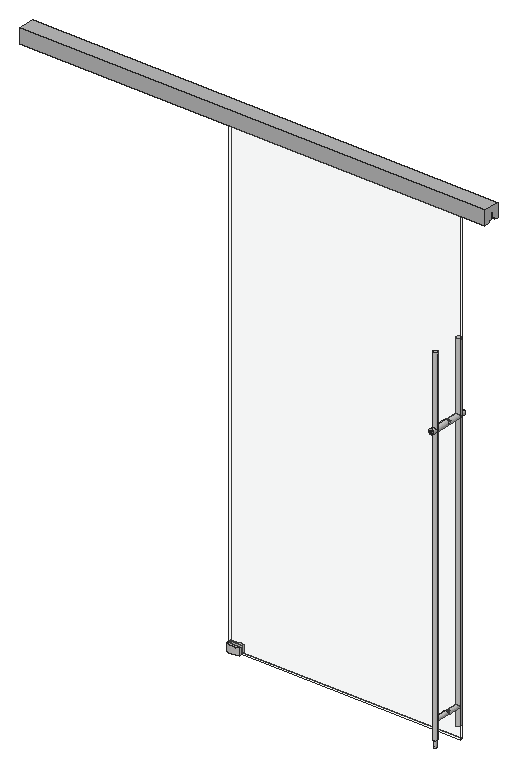
Revit family "Doors_Sliding_Avanti_Systems_Polaris-Auto-Magnetic-Slider_Single-Soffit-Mount-Dbl-Glazed", category Doors, Revit 2015 (continued)
Definition of nested family "Rail-Detail"
  Lines and regions (in)
    model lines, in view "Ref. Level"
      curve 28: arc (1.09204, 1.16142, 0) -> (1.08647, 1.15911, 0) -> (1.08416, 1.15354, 0) r 0.00788
      curve 29: arc (-1.25049, 0.88583, 0) -> (-1.25884, 0.88237, 0) -> (-1.2623, 0.87402, 0) r 0.01181
      curve 30: arc (-1.2623, -0.87402, 0) -> (-1.25884, -0.88237, 0) -> (-1.25049, -0.88583, 0) r 0.01181
      curve 31: arc (-0.46309, -0.9941, 0) -> (-0.45474, -0.99064, 0) -> (-0.45128, -0.98229, 0) r 0.01181
      curve 32: arc (-0.51419, -0.99132, 0) -> (-0.51689, -0.98918, 0) -> (-0.51971, -0.98722, 0) r 0.05492
      curve 33: arc (0.82235, 0.88583, 0) -> (0.814, 0.88237, 0) -> (0.81054, 0.87402, 0) r 0.01181
      curve 34: arc (-0.1875, 1.02362, 0) -> (-0.19585, 1.02017, 0) -> (-0.19931, 1.01181, 0) r 0.01181
      curve 35: arc (-0.21112, 0.95669, 0) -> (-0.20277, 0.96015, 0) -> (-0.19931, 0.9685, 0) r 0.01181
      curve 36: arc (-0.49065, 0.95669, 0) -> (-0.499, 0.95323, 0) -> (-0.50246, 0.94488, 0) r 0.01181
      curve 37: arc (-0.50246, 0.85827, 0) -> (-0.499, 0.84992, 0) -> (-0.49065, 0.84646, 0) r 0.01181
      curve 38: arc (-0.39616, 0.83465, 0) -> (-0.39962, 0.843, 0) -> (-0.40797, 0.84646, 0) r 0.01181
      curve 39: arc (-0.40797, 0.72835, 0) -> (-0.39962, 0.73181, 0) -> (-0.39616, 0.74016, 0) r 0.01181
      curve 40: arc (-0.50593, 0.73181, 0) -> (-0.50209, 0.72925, 0) -> (-0.49756, 0.72835, 0) r 0.01184
      curve 41: arc (-0.60088, 0.83166, 0) -> (-0.59998, 0.82715, 0) -> (-0.59743, 0.82332, 0) r 0.0118
      curve 42: arc (-0.60088, 0.87402, 0) -> (-0.60434, 0.88237, 0) -> (-0.61269, 0.88583, 0) r 0.01181
      curve 43: arc (1.13337, 0.87402, 0) -> (1.12991, 0.88237, 0) -> (1.12156, 0.88583, 0) r 0.01181
      curve 44: arc (0.81054, 0.8189, 0) -> (0.814, 0.81054, 0) -> (0.82235, 0.80709, 0) r 0.01181
      curve 45: arc (0.86369, 0.79528, 0) -> (0.86023, 0.80363, 0) -> (0.85188, 0.80709, 0) r 0.01181
      curve 46: arc (0.85188, 0.72835, 0) -> (0.86023, 0.73181, 0) -> (0.86369, 0.74016, 0) r 0.01181
      curve 47: arc (0.59991, 0.84646, 0) -> (0.59155, 0.843, 0) -> (0.58809, 0.83465, 0) r 0.01181
      curve 48: arc (0.68258, 0.84646, 0) -> (0.69094, 0.84992, 0) -> (0.69439, 0.85827, 0) r 0.01181
      curve 49: arc (-0.45128, -0.89764, 0) -> (-0.45474, -0.88929, 0) -> (-0.46309, -0.88583, 0) r 0.01181
      curve 50: arc (-0.51419, -0.99132, 0) -> (-0.51063, -0.99338, 0) -> (-0.50658, -0.9941, 0) r 0.0118
      curve 51: arc (-0.57969, -0.98722, 0) -> (-0.60482, -1.03347, 0) -> (-0.57969, -1.07971, 0) r 0.05512
      curve 52: arc (-0.51971, -1.07971, 0) -> (-0.51688, -1.07775, 0) -> (-0.51418, -1.07562, 0) r 0.05538
      curve 53: arc (-0.50657, -1.07284, 0) -> (-0.51062, -1.07355, 0) -> (-0.51418, -1.07562, 0) r 0.01182
      curve 54: arc (-0.45128, -1.08465, 0) -> (-0.45474, -1.0763, 0) -> (-0.46309, -1.07284, 0) r 0.01181
      curve 55: arc (-0.46309, -1.18111, 0) -> (-0.45474, -1.17765, 0) -> (-0.45128, -1.16929, 0) r 0.01181
      curve 56: arc (-1.41978, -1.10236, 0) -> (-1.39672, -1.15804, 0) -> (-1.34104, -1.18111, 0) r 0.07874
      curve 57: arc (-1.34104, 1.1811, 0) -> (-1.39672, 1.15804, 0) -> (-1.41978, 1.10236, 0) r 0.07874
      curve 58: arc (0.5881, 0.74016, 0) -> (0.59155, 0.73181, 0) -> (0.59991, 0.72835, 0) r 0.01181
      curve 59: arc (0.78638, 1.17372, 0) -> (0.78203, 1.17909, 0) -> (0.77543, 1.1811, 0) r 0.01181
      curve 60: arc (0.78638, 1.17372, 0) -> (0.80463, 1.16142, 0) -> (0.82288, 1.17372, 0) r 0.01969
      curve 61: arc (0.83383, 1.1811, 0) -> (0.82723, 1.17909, 0) -> (0.82288, 1.17372, 0) r 0.01181
      curve 62: arc (0.69439, 0.94488, 0) -> (0.69094, 0.95323, 0) -> (0.68258, 0.95669, 0) r 0.01181
      curve 63: arc (0.39124, 0.9685, 0) -> (0.3947, 0.96015, 0) -> (0.40305, 0.95669, 0) r 0.01181
      curve 64: arc (0.39124, 1.01181, 0) -> (0.38779, 1.02017, 0) -> (0.37943, 1.02362, 0) r 0.01181
      curve 65: arc (1.20893, 0.9635, 0) -> (1.21547, 0.96767, 0) -> (1.21802, 0.975, 0) r 0.01181
      curve 66: arc (1.20893, 0.9635, 0) -> (1.17865, 0.9252, 0) -> (1.20893, 0.88689, 0) r 0.03937
      curve 67: arc (1.21802, 0.8754, 0) -> (1.21547, 0.88272, 0) -> (1.20893, 0.88689, 0) r 0.01181
      curve 68: arc (1.20621, 0.72835, 0) -> (1.21456, 0.73181, 0) -> (1.21802, 0.74016, 0) r 0.01181
      curve 69: arc (1.08022, 0.74016, 0) -> (1.08368, 0.73181, 0) -> (1.09203, 0.72835, 0) r 0.01181
      curve 70: arc (1.09203, 0.80709, 0) -> (1.08368, 0.80363, 0) -> (1.08022, 0.79528, 0) r 0.01181
      curve 71: arc (1.12156, 0.80709, 0) -> (1.12991, 0.81054, 0) -> (1.13337, 0.8189, 0) r 0.01181
      curve 72: arc (-1.09695, -1.04331, 0) -> (-1.09464, -1.04888, 0) -> (-1.08907, -1.05118, 0) r 0.00787
      curve 73: arc (-0.6875, -1.05118, 0) -> (-0.68193, -1.04888, 0) -> (-0.67962, -1.04331, 0) r 0.00787
      curve 74: arc (-0.67175, -0.88583, 0) -> (-0.67732, -0.88813, 0) -> (-0.67962, -0.8937, 0) r 0.00787
      curve 75: arc (-1.09695, -0.8937, 0) -> (-1.09925, -0.88814, 0) -> (-1.10482, -0.88583, 0) r 0.00787
      curve 76: arc (-1.08907, 1.05118, 0) -> (-1.09463, 1.04888, 0) -> (-1.09695, 1.04332, 0) r 0.00788
      curve 77: arc (-1.10482, 0.88583, 0) -> (-1.09925, 0.88814, 0) -> (-1.09695, 0.8937, 0) r 0.00787
      curve 78: arc (-0.67962, 1.0433, 0) -> (-0.68193, 1.04888, 0) -> (-0.6875, 1.05118, 0) r 0.00788
      curve 79: arc (-0.67962, 0.8937, 0) -> (-0.67732, 0.88813, 0) -> (-0.67175, 0.88583, 0) r 0.00787
      curve 80: arc (-0.53002, -1.12992, 0) -> (-0.52445, -1.12762, 0) -> (-0.52214, -1.12205, 0) r 0.00787
      curve 81: arc (-0.57726, -1.12205, 0) -> (-0.57495, -1.12762, 0) -> (-0.56939, -1.12992, 0) r 0.00787
      curve 82: arc (-0.56939, -0.93701, 0) -> (-0.57495, -0.93932, 0) -> (-0.57726, -0.94488, 0) r 0.00787
      curve 83: arc (-0.52214, -0.94488, 0) -> (-0.52445, -0.93932, 0) -> (-0.53002, -0.93701, 0) r 0.00787
      curve 84: arc (1.08022, 1.16929, 0) -> (1.07676, 1.17764, 0) -> (1.06841, 1.1811, 0) r 0.01181
      curve 85: arc (1.04085, 1.10236, 0) -> (1.06869, 1.1139, 0) -> (1.08022, 1.14173, 0) r 0.03937
      curve 86: arc (0.99314, 1.10691, 0) -> (0.99728, 1.10356, 0) -> (1.00246, 1.10236, 0) r 0.01181
      curve 87: arc (0.99314, 1.10691, 0) -> (0.96211, 1.12205, 0) -> (0.93108, 1.10691, 0) r 0.03937
      curve 88: arc (0.92177, 1.10236, 0) -> (0.92695, 1.10356, 0) -> (0.93108, 1.10691, 0) r 0.01181
      curve 89: arc (0.844, 1.10236, 0) -> (0.80463, 1.06299, 0) -> (0.844, 1.02362, 0) r 0.03937
      curve 90: arc (0.93108, 1.01908, 0) -> (0.92695, 1.02243, 0) -> (0.92177, 1.02362, 0) r 0.01181
      curve 91: arc (0.93108, 1.01908, 0) -> (0.96211, 1.00394, 0) -> (0.99314, 1.01908, 0) r 0.03937
      curve 92: arc (1.00246, 1.02362, 0) -> (0.99727, 1.02243, 0) -> (0.99314, 1.01908, 0) r 0.01181
      curve 93: arc (1.21802, 1.01181, 0) -> (1.21456, 1.02017, 0) -> (1.20621, 1.02362, 0) r 0.01181
      curve 94: line (-1.03396, 1, 0) -> (-0.74262, 1, 0)
      curve 95: line (-1.04773, 0.84252, 0) -> (-1.04773, 0.89626, 0)
      curve 96: line (-0.72884, 0.89626, 0) -> (-0.72884, 0.84252, 0)
      curve 97: line (-1.03396, -1, 0) -> (-0.74262, -1, 0)
      curve 98: line (-0.72884, -0.89626, 0) -> (-0.72884, -0.84252, 0)
      curve 99: line (-1.04577, -0.84252, 0) -> (-1.04577, -0.89626, 0)
      curve 100: line (1.33613, -1.10236, 0) -> (1.33613, 1.08268, 0)
      curve 101: line (0.75739, -1.18111, 0) -> (1.25739, -1.18111, 0)
      curve 102: line (0.75739, -1.07284, 0) -> (0.80087, -1.07284, 0)
      curve 103: line (0.81644, -1.08759, 0) -> (0.81644, -1.12205, 0)
      curve 104: line (0.82432, -1.12992, 0) -> (0.86369, -1.12992, 0)
      curve 105: line (0.87156, -1.12205, 0) -> (0.87156, -1.08759, 0)
      curve 106: line (0.87156, -0.97934, 0) -> (0.87156, -0.94488, 0)
      curve 107: line (0.86369, -0.93701, 0) -> (0.82432, -0.93701, 0)
      curve 108: line (0.81644, -0.94488, 0) -> (0.81644, -0.97934, 0)
      curve 109: line (0.80088, -0.9941, 0) -> (0.75739, -0.9941, 0)
      curve 110: line (0.75739, -0.88583, 0) -> (0.98967, -0.88583, 0)
      curve 111: line (1.26526, -1.10236, 0) -> (1.01329, -1.10236, 0)
      curve 112: line (1.27707, 0.68898, 0) -> (1.27707, -1.09055, 0)
      curve 113: line (1.22983, 0.72835, 0) -> (1.2377, 0.72835, 0)
      curve 114: line (1.21802, 1.01968, 0) -> (1.21802, 0.74016, 0)
      curve 115: line (1.21802, 0.74016, 0) -> (1.21802, 0.8754, 0)
      curve 116: line (1.00246, 1.02362, 0) -> (1.20621, 1.02362, 0)
      curve 117: line (1.21014, 1.02756, 0) -> (0.844, 1.02756, 0)
      curve 118: line (0.844, 1.02362, 0) -> (0.92177, 1.02362, 0)
      curve 119: line (0.92177, 1.10236, 0) -> (0.844, 1.10236, 0)
      curve 120: line (0.844, 1.09843, 0) -> (1.07629, 1.09843, 0)
      curve 121: line (1.08416, 1.1063, 0) -> (1.08416, 1.15354, 0)
      curve 122: line (1.25739, 1.16142, 0) -> (1.09204, 1.16142, 0)
      curve 123: line (0.74558, -0.89764, 0) -> (0.74558, -0.98229, 0)
      curve 124: line (1.00148, -1.09055, 0) -> (1.00148, -0.89764, 0)
      curve 125: line (0.74558, -1.08465, 0) -> (0.74558, -1.16929, 0)
      curve 126: line (-1.25049, 0.88583, 0) -> (-1.10482, 0.88583, 0)
      curve 127: line (-1.2623, -0.87402, 0) -> (-1.2623, 0.87402, 0)
      curve 128: line (-0.50658, -0.9941, 0) -> (-0.46309, -0.9941, 0)
      curve 129: line (0.82235, 0.88583, 0) -> (1.12156, 0.88583, 0)
      curve 130: line (-0.19931, 0.9685, 0) -> (-0.19931, 1.01181, 0)
      curve 131: line (-0.49065, 0.95669, 0) -> (-0.21112, 0.95669, 0)
      curve 132: line (-0.50246, 0.85827, 0) -> (-0.50246, 0.94488, 0)
      curve 133: line (-0.40797, 0.84646, 0) -> (-0.49065, 0.84646, 0)
      curve 134: line (-0.39616, 0.74016, 0) -> (-0.39616, 0.83465, 0)
      curve 135: line (-0.49756, 0.72835, 0) -> (-0.40797, 0.72835, 0)
      curve 136: line (-0.59743, 0.82332, 0) -> (-0.50593, 0.73181, 0)
      curve 137: line (-0.60088, 0.87402, 0) -> (-0.60088, 0.83166, 0)
      curve 138: line (-0.67175, 0.88583, 0) -> (-0.61269, 0.88583, 0)
      curve 139: line (1.13337, 0.87402, 0) -> (1.13337, 0.8189, 0)
      curve 140: line (0.81054, 0.8189, 0) -> (0.81054, 0.87402, 0)
      curve 141: line (0.85188, 0.80709, 0) -> (0.82235, 0.80709, 0)
      curve 142: line (0.86369, 0.74016, 0) -> (0.86369, 0.79528, 0)
      curve 143: line (0.59991, 0.72835, 0) -> (0.85188, 0.72835, 0)
      curve 144: line (0.58809, 0.83465, 0) -> (0.58809, 0.74016, 0)
      curve 145: line (0.68258, 0.84646, 0) -> (0.59991, 0.84646, 0)
      curve 146: line (-1.10482, -0.88583, 0) -> (-1.25049, -0.88583, 0)
      curve 147: line (-0.46309, -0.88583, 0) -> (-0.67175, -0.88583, 0)
      curve 148: line (-0.45128, -0.98229, 0) -> (-0.45128, -0.89764, 0)
      curve 149: line (-0.1875, 1.02362, 0) -> (0.07628, 1.02362, 0)
      curve 150: line (0.07628, 1.02362, 0) -> (0.09597, 1.04331, 0)
      curve 151: line (0.09597, 1.04331, 0) -> (0.11565, 1.02362, 0)
      curve 152: line (0.11565, 1.02362, 0) -> (0.37943, 1.02362, 0)
      curve 153: line (-0.46309, -1.07284, 0) -> (-0.50657, -1.07284, 0)
      curve 154: line (-0.45128, -1.16929, 0) -> (-0.45128, -1.08465, 0)
      curve 155: line (-1.34104, -1.18111, 0) -> (-0.46309, -1.18111, 0)
      curve 156: line (-1.41978, 1.10236, 0) -> (-1.41978, -1.10236, 0)
      curve 157: line (1.06841, 1.1811, 0) -> (0.83383, 1.1811, 0)
      curve 158: line (0.69439, 0.94488, 0) -> (0.69439, 0.85827, 0)
      curve 159: line (0.39124, 1.01181, 0) -> (0.39124, 0.9685, 0)
      curve 160: line (1.09203, 0.72835, 0) -> (1.20621, 0.72835, 0)
      curve 161: line (1.08022, 0.79528, 0) -> (1.08022, 0.74016, 0)
      curve 162: line (1.12156, 0.80709, 0) -> (1.09203, 0.80709, 0)
      curve 163: line (0.40305, 0.95669, 0) -> (0.68258, 0.95669, 0)
      curve 164: line (-1.09695, 1.04332, 0) -> (-1.09695, 0.8937, 0)
      curve 165: line (-0.6875, 1.05118, 0) -> (-1.08907, 1.05118, 0)
      curve 166: line (-0.67962, 0.8937, 0) -> (-0.67962, 1.0433, 0)
      curve 167: line (-0.67962, -1.04331, 0) -> (-0.67962, -0.8937, 0)
      curve 168: line (-1.08907, -1.05118, 0) -> (-0.6875, -1.05118, 0)
      curve 169: line (-1.09695, -0.8937, 0) -> (-1.09695, -1.04331, 0)
      curve 170: line (-0.57726, -1.08181, 0) -> (-0.57726, -1.12205, 0)
      curve 171: line (-0.52214, -1.12205, 0) -> (-0.52214, -1.08181, 0)
      curve 172: line (-0.52214, -0.98513, 0) -> (-0.52214, -0.94488, 0)
      curve 173: line (-0.57726, -0.94488, 0) -> (-0.57726, -0.98513, 0)
      curve 174: line (-0.53002, -1.12992, 0) -> (-0.56939, -1.12992, 0)
      curve 175: line (-0.56939, -0.93701, 0) -> (-0.53002, -0.93701, 0)
      curve 176: line (0.77543, 1.1811, 0) -> (-1.34104, 1.1811, 0)
      curve 177: line (1.08022, 1.14173, 0) -> (1.08022, 1.16929, 0)
      curve 178: line (1.00246, 1.10236, 0) -> (1.04085, 1.10236, 0)
      curve 179: line (1.21802, 0.975, 0) -> (1.21802, 1.01181, 0)
      curve 180: arc (-0.72476, 0.90317, 0) -> (-0.72774, 0.90027, 0) -> (-0.72884, 0.89626, 0) r 0.00789
      curve 181: arc (-0.72476, 0.90317, 0) -> (-0.71407, 0.92126, 0) -> (-0.72476, 0.93936, 0) r 0.02067
      curve 182: arc (-0.72884, 0.94626, 0) -> (-0.72774, 0.94225, 0) -> (-0.72476, 0.93936, 0) r 0.00787
      curve 183: arc (-1.05181, 0.93936, 0) -> (-1.04883, 0.94225, 0) -> (-1.04773, 0.94626, 0) r 0.00787
      curve 184: arc (-1.05181, 0.93936, 0) -> (-1.0625, 0.92126, 0) -> (-1.05181, 0.90317, 0) r 0.02067
      curve 185: arc (-1.04773, 0.89626, 0) -> (-1.04883, 0.90027, 0) -> (-1.05181, 0.90317, 0) r 0.00789
      curve 186: arc (-1.07529, 1.04331, 0) -> (-1.08365, 1.03984, 0) -> (-1.0871, 1.03148, 0) r 0.01181
      curve 187: arc (-0.68947, 1.0315, 0) -> (-0.69293, 1.03985, 0) -> (-0.70128, 1.04331, 0) r 0.01181
      curve 188: arc (-1.03592, 1, 0) -> (-1.04427, 0.99654, 0) -> (-1.04773, 0.98818, 0) r 0.01182
      curve 189: arc (-1.05954, 0.84646, 0) -> (-1.05119, 0.84992, 0) -> (-1.04773, 0.85827, 0) r 0.01181
      curve 190: arc (-0.72884, 0.98818, 0) -> (-0.7323, 0.99654, 0) -> (-0.74065, 1, 0) r 0.01182
      curve 191: arc (-0.72884, 0.85827, 0) -> (-0.72538, 0.84992, 0) -> (-0.71703, 0.84646, 0) r 0.01181
      curve 192: arc (-0.6245, 0.84646, 0) -> (-0.61615, 0.84992, 0) -> (-0.61269, 0.85827, 0) r 0.01181
      curve 193: arc (-0.61269, 0.87402, 0) -> (-0.61615, 0.88237, 0) -> (-0.6245, 0.88583, 0) r 0.01181
      curve 194: arc (-0.68947, 0.89764, 0) -> (-0.68601, 0.88929, 0) -> (-0.67766, 0.88583, 0) r 0.01181
      curve 195: arc (-1.09891, 0.88583, 0) -> (-1.09056, 0.88929, 0) -> (-1.0871, 0.89764, 0) r 0.01181
      curve 196: arc (-1.16388, 0.85827, 0) -> (-1.16042, 0.84992, 0) -> (-1.15207, 0.84646, 0) r 0.01181
      curve 197: arc (-1.15207, 0.88583, 0) -> (-1.16042, 0.88237, 0) -> (-1.16388, 0.87402, 0) r 0.01181
      curve 198: arc (-1.04773, -0.94626, 0) -> (-1.04883, -0.94226, 0) -> (-1.05181, -0.93936, 0) r 0.00787
      curve 199: arc (-0.72476, -0.93936, 0) -> (-0.72774, -0.94226, 0) -> (-0.72884, -0.94626, 0) r 0.00787
      curve 200: arc (-0.70128, -1.04331, 0) -> (-0.69293, -1.03985, 0) -> (-0.68947, -1.0315, 0) r 0.01181
      curve 201: arc (-1.04773, -0.98819, 0) -> (-1.04428, -0.99654, 0) -> (-1.03592, -1, 0) r 0.01181
      curve 202: arc (-1.04577, -0.85827, 0) -> (-1.04923, -0.84992, 0) -> (-1.05758, -0.84646, 0) r 0.01181
      curve 203: arc (-0.74065, -1, 0) -> (-0.7323, -0.99654, 0) -> (-0.72884, -0.98819, 0) r 0.01181
      curve 204: arc (-0.71702, -0.84646, 0) -> (-0.72538, -0.84992, 0) -> (-0.72884, -0.85827, 0) r 0.01181
      curve 205: arc (-0.61269, -0.85827, 0) -> (-0.61615, -0.84992, 0) -> (-0.62451, -0.84646, 0) r 0.01181
      curve 206: arc (-0.62451, -0.88583, 0) -> (-0.61615, -0.88237, 0) -> (-0.61269, -0.87402, 0) r 0.01181
      curve 207: arc (-0.67766, -0.88583, 0) -> (-0.68601, -0.88929, 0) -> (-0.68947, -0.89764, 0) r 0.01181
      curve 208: arc (-1.0871, -0.89764, 0) -> (-1.09056, -0.88929, 0) -> (-1.09891, -0.88583, 0) r 0.01181
      curve 209: arc (-1.15206, -0.84646, 0) -> (-1.16042, -0.84992, 0) -> (-1.16388, -0.85827, 0) r 0.01181
      curve 210: arc (-1.16388, -0.87402, 0) -> (-1.16042, -0.88237, 0) -> (-1.15206, -0.88583, 0) r 0.01181
      curve 211: arc (-1.0871, -1.0315, 0) -> (-1.08365, -1.03985, 0) -> (-1.07529, -1.04331, 0) r 0.01181
      curve 212: arc (-1.05181, -0.90316, 0) -> (-1.04883, -0.90027, 0) -> (-1.04773, -0.89626, 0) r 0.00787
      curve 213: arc (-0.72884, -0.89626, 0) -> (-0.72774, -0.90027, 0) -> (-0.72476, -0.90316, 0) r 0.00787
      curve 214: arc (-1.05181, -0.90316, 0) -> (-1.0625, -0.92126, 0) -> (-1.05181, -0.93936, 0) r 0.02067
      curve 215: arc (-0.72476, -0.93936, 0) -> (-0.71407, -0.92126, 0) -> (-0.72476, -0.90316, 0) r 0.02067
      curve 216: line (-0.67766, 0.88583, 0) -> (-0.6245, 0.88583, 0)
      curve 217: line (-0.61269, 0.87402, 0) -> (-0.61269, 0.85827, 0)
      curve 218: line (-0.6245, 0.84646, 0) -> (-0.71703, 0.84646, 0)
      curve 219: line (-0.72884, 0.85827, 0) -> (-0.72884, 0.89626, 0)
      curve 220: line (-0.72884, 0.94626, 0) -> (-0.72884, 0.98818, 0)
      curve 221: line (-0.74065, 1, 0) -> (-1.03592, 1, 0)
      curve 222: line (-1.04773, 0.98818, 0) -> (-1.04773, 0.94626, 0)
      curve 223: line (-1.04773, 0.89626, 0) -> (-1.04773, 0.85827, 0)
      curve 224: line (-1.05954, 0.84646, 0) -> (-1.15207, 0.84646, 0)
      curve 225: line (-1.16388, 0.85827, 0) -> (-1.16388, 0.87402, 0)
      curve 226: line (-1.15207, 0.88583, 0) -> (-1.09891, 0.88583, 0)
      curve 227: line (-1.07529, 1.04331, 0) -> (-0.70128, 1.04331, 0)
      curve 228: line (-0.68947, 1.0315, 0) -> (-0.68947, 0.89764, 0)
      curve 229: line (-1.0871, 0.89764, 0) -> (-1.0871, 1.03148, 0)
      curve 230: line (-0.70128, -1.04331, 0) -> (-1.07529, -1.04331, 0)
      curve 231: line (-0.62451, -0.84646, 0) -> (-0.71702, -0.84646, 0)
      curve 232: line (-0.61269, -0.87402, 0) -> (-0.61269, -0.85827, 0)
      curve 233: line (-0.67766, -0.88583, 0) -> (-0.62451, -0.88583, 0)
      curve 234: line (-1.15206, -0.88583, 0) -> (-1.09891, -0.88583, 0)
      curve 235: line (-1.16388, -0.85827, 0) -> (-1.16388, -0.87402, 0)
      curve 236: line (-1.05758, -0.84646, 0) -> (-1.15206, -0.84646, 0)
      curve 237: line (-1.04577, -0.89626, 0) -> (-1.04577, -0.85827, 0)
      curve 238: line (-0.74065, -1, 0) -> (-1.03592, -1, 0)
      curve 239: line (-0.72884, -0.94626, 0) -> (-0.72884, -0.98819, 0)
      curve 240: line (-0.72884, -0.85827, 0) -> (-0.72884, -0.89626, 0)
      curve 241: line (-1.04773, -0.98819, 0) -> (-1.04773, -0.94626, 0)
      curve 242: line (-0.68947, -1.0315, 0) -> (-0.68947, -0.89764, 0)
      curve 243: line (-1.0871, -0.89764, 0) -> (-1.0871, -1.0315, 0)
      curve 244: arc (0.91005, 0.71109, 0) -> (0.77573, 0.72832, 0) -> (0.6418, 0.70829, 0) r 0.49218
      curve 245: arc (-0.99964, 0.71542, 0) -> (-0.88829, 0.66929, 0) -> (-0.77693, 0.71542, 0) r 0.15748
      curve 246: arc (-0.99964, 0.54219, 0) -> (-0.88829, 0.49606, 0) -> (-0.77693, 0.54219, 0) r 0.15748
      curve 247: arc (-0.46, 0.66929, 0) -> (-0.4688, 0.66385, 0) -> (-0.46787, 0.65354, 0) r 0.00984
      curve 248: arc (0.71591, -0.49409, 0) -> (0.70199, -0.49986, 0) -> (0.69623, -0.51378, 0) r 0.01969
      curve 249: arc (0.87339, -0.49409, 0) -> (0.88731, -0.48833, 0) -> (0.89308, -0.47441, 0) r 0.01969
      curve 250: arc (0.89308, -0.3563, 0) -> (0.88926, -0.34465, 0) -> (0.8793, -0.33752, 0) r 0.01969
      curve 251: arc (1.15621, 0.54584, 0) -> (1.13067, 0.56291, 0) -> (1.10054, 0.5689, 0) r 0.07873
      curve 252: arc (1.15621, 0.49016, 0) -> (1.16495, 0.518, 0) -> (1.15621, 0.54584, 0) r 0.04871
      curve 253: arc (1.15621, -0.70725, 0) -> (1.16495, -0.67941, 0) -> (1.15621, -0.65157, 0) r 0.04871
      curve 254: arc (1.10054, -0.73031, 0) -> (1.13067, -0.72432, 0) -> (1.15621, -0.70725, 0) r 0.07873
      curve 255: arc (1.2282, 0.41818, 0) -> (1.23694, 0.44601, 0) -> (1.2282, 0.47385, 0) r 0.04871
      curve 256: arc (1.2282, -0.63526, 0) -> (1.23694, -0.60743, 0) -> (1.2282, -0.57959, 0) r 0.04871
      curve 257: arc (1.2282, -0.63526, 0) -> (1.24527, -0.60972, 0) -> (1.25126, -0.57959, 0) r 0.07874
      curve 258: arc (1.25126, 0.41818, 0) -> (1.24527, 0.44831, 0) -> (1.2282, 0.47385, 0) r 0.07874
      curve 259: arc (0.8793, 0.35433, 0) -> (0.86777, 0.38217, 0) -> (0.83993, 0.3937, 0) r 0.03937
      curve 260: arc (0.83993, -0.47244, 0) -> (0.86777, -0.46091, 0) -> (0.8793, -0.43307, 0) r 0.03937
      curve 261: arc (0.61532, 0.61024, 0) -> (0.60704, 0.63859, 0) -> (0.58137, 0.6532, 0) r 0.03937
      curve 262: arc (0.58137, -0.50753, 0) -> (0.60577, -0.49443, 0) -> (0.61552, -0.46851, 0) r 0.03937
      curve 263: line (0.6667, -0.52858, 0) -> (0.69623, -0.52858, 0)
      curve 264: line (0.69623, -0.52858, 0) -> (0.6667, -0.52858, 0)
      curve 265: line (0.6667, -0.52858, 0) -> (0.69623, -0.52858, 0)
      curve 266: line (0.69623, -0.52858, 0) -> (0.6667, -0.52858, 0)
      curve 267: line (0.6667, -0.52858, 0) -> (0.69623, -0.52858, 0)
      curve 268: line (0.69623, -0.52858, 0) -> (0.6667, -0.52858, 0)
      curve 269: line (0.6667, -0.52858, 0) -> (0.69623, -0.52858, 0)
      curve 270: line (0.69623, -0.52858, 0) -> (0.6667, -0.52858, 0)
      curve 271: line (0.6667, -0.52858, 0) -> (0.6667, -0.55417, 0)
      curve 272: line (0.6667, -0.55417, 0) -> (0.69623, -0.55417, 0)
      curve 273: line (0.8793, -0.24596, 0) -> (0.91005, -0.23865, 0)
      curve 274: line (0.91005, -0.23865, 0) -> (0.93835, -0.21034, 0)
      curve 275: line (0.93835, -0.21034, 0) -> (0.93835, -0.04367, 0)
      curve 276: line (0.93835, -0.04367, 0) -> (0.93835, 0.68278, 0)
      curve 277: line (0.93835, 0.68278, 0) -> (0.91005, 0.71109, 0)
      curve 278: line (0.91005, 0.71109, 0) -> (0.91005, -0.06141, 0)
      curve 279: line (0.91005, -0.06141, 0) -> (0.91005, -0.23865, 0)
      curve 280: line (0.6418, 0.3937, 0) -> (0.6418, 0.70829, 0)
      curve 281: line (0.6418, 0.70829, 0) -> (0.6225, 0.66929, 0)
      curve 282: line (-0.65206, 0.73228, 0) -> (-0.65206, 0.74803, 0)
      curve 283: line (-0.65206, 0.74803, 0) -> (-0.67175, 0.76772, 0)
      curve 284: line (-0.67175, 0.76772, 0) -> (-0.72463, 0.76772, 0)
      curve 285: line (-0.72463, 0.76772, 0) -> (-0.77693, 0.71542, 0)
      curve 286: line (-0.77693, 0.71542, 0) -> (-0.77693, 0.54219, 0)
      curve 287: line (0.93835, 0.13779, 0) -> (0.94623, 0.13779, 0)
      curve 288: line (0.94623, 0.13779, 0) -> (0.95804, 0.14961, 0)
      curve 289: line (0.95804, 0.14961, 0) -> (0.95804, 0.32283, 0)
      curve 290: line (0.95804, 0.32283, 0) -> (0.94623, 0.33465, 0)
      curve 291: line (0.94623, 0.33465, 0) -> (0.93835, 0.33465, 0)
      curve 292: line (-1.12451, 0.54974, 0) -> (-1.12451, -0.76378, 0)
      curve 293: line (-1.12451, -0.76378, 0) -> (-1.10482, -0.78347, 0)
      curve 294: line (-1.10482, -0.78347, 0) -> (-1.05194, -0.78347, 0)
      curve 295: line (-1.05194, -0.78347, 0) -> (-0.99964, -0.73116, 0)
      curve 296: line (-0.99964, -0.73116, 0) -> (-0.99964, 0.54219, 0)
      curve 297: line (-0.99964, 0.54219, 0) -> (-1.05194, 0.59449, 0)
      curve 298: line (-1.05194, 0.59449, 0) -> (-1.10482, 0.59449, 0)
      curve 299: line (-1.10482, 0.59449, 0) -> (-1.12451, 0.57481, 0)
      curve 300: line (-1.12451, 0.57481, 0) -> (-1.12451, 0.54974, 0)
      curve 301: line (-0.77693, -0.73116, 0) -> (-0.72463, -0.78347, 0)
      curve 302: line (-0.72463, -0.78347, 0) -> (-0.67175, -0.78347, 0)
      curve 303: line (-0.67175, -0.78347, 0) -> (-0.65206, -0.76378, 0)
      curve 304: line (-0.65206, -0.76378, 0) -> (-0.65206, 0.57481, 0)
      curve 305: line (-0.65206, 0.57481, 0) -> (-0.67175, 0.59449, 0)
      curve 306: line (-0.67175, 0.59449, 0) -> (-0.72463, 0.59449, 0)
      curve 307: line (-0.72463, 0.59449, 0) -> (-0.77693, 0.54219, 0)
      curve 308: line (-0.77693, 0.54219, 0) -> (-0.77693, -0.73116, 0)
      curve 309: line (-0.65206, 0.57481, 0) -> (-0.65206, 0.73228, 0)
      curve 310: line (-1.12451, 0.73228, 0) -> (-1.12451, 0.74803, 0)
      curve 311: line (-1.12451, 0.74803, 0) -> (-1.10482, 0.76772, 0)
      curve 312: line (-1.10482, 0.76772, 0) -> (-1.05194, 0.76772, 0)
      curve 313: line (-1.05194, 0.76772, 0) -> (-0.99964, 0.71542, 0)
      curve 314: line (-0.99964, 0.71542, 0) -> (-0.99964, 0.54219, 0)
      curve 315: line (-0.63238, 0.14961, 0) -> (-0.65206, 0.14961, 0)
      curve 316: line (-0.65206, -0.33858, 0) -> (-0.63238, -0.33858, 0)
      curve 317: line (-0.63238, 0.30709, 0) -> (-0.65206, 0.30709, 0)
      curve 318: line (0.61532, 0.3937, 0) -> (0.83993, 0.3937, 0)
      curve 319: line (0.83993, 0.3937, 0) -> (0.8793, 0.3937, 0)
      curve 320: line (0.8793, 0.3937, 0) -> (0.8793, 0.35433, 0)
      curve 321: line (0.8793, 0.35433, 0) -> (0.8793, -0.43307, 0)
      curve 322: line (0.8793, -0.43307, 0) -> (0.8793, -0.47244, 0)
      curve 323: line (0.8793, -0.47244, 0) -> (0.83993, -0.47244, 0)
      curve 324: line (0.83993, -0.47244, 0) -> (0.61532, -0.47244, 0)
      curve 325: line (0.61532, -0.47244, 0) -> (0.61532, 0.61024, 0)
      curve 326: line (0.62339, 0.3937, 0) -> (0.62339, 0.67109, 0)
      curve 327: line (0.6225, 0.66929, 0) -> (-0.46, 0.66929, 0)
      curve 328: line (0.93835, 0.5689, 0) -> (1.10054, 0.5689, 0)
      curve 329: line (1.10054, 0.5689, 0) -> (1.10054, 0.49016, 0)
      curve 330: line (1.10054, 0.49016, 0) -> (1.10054, -0.65157, 0)
      curve 331: line (1.10054, -0.65157, 0) -> (0.69623, -0.65157, 0)
      curve 332: line (0.69623, -0.65157, 0) -> (0.69623, -0.51378, 0)
      curve 333: line (0.71591, -0.49409, 0) -> (0.87339, -0.49409, 0)
      curve 334: line (0.89308, -0.47441, 0) -> (0.89308, -0.3563, 0)
      curve 335: line (0.93835, 0.49016, 0) -> (1.10054, 0.49016, 0)
      curve 336: line (1.10054, 0.49016, 0) -> (1.15621, 0.49016, 0)
      curve 337: line (1.15621, 0.49016, 0) -> (1.15621, -0.65157, 0)
      curve 338: line (1.15621, -0.65157, 0) -> (1.10054, -0.65157, 0)
      curve 339: line (1.10054, -0.65157, 0) -> (1.10054, -0.73031, 0)
      curve 340: line (1.10054, -0.73031, 0) -> (0.69623, -0.73031, 0)
      curve 341: line (0.69623, -0.73031, 0) -> (0.69623, -0.65157, 0)
      curve 342: line (1.2282, 0.41818, 0) -> (1.15621, 0.49016, 0)
      curve 343: line (1.15621, 0.54584, 0) -> (1.2282, 0.47385, 0)
      curve 344: line (1.2282, -0.63526, 0) -> (1.15621, -0.70725, 0)
      curve 345: line (1.15621, -0.65157, 0) -> (1.2282, -0.57959, 0)
      curve 346: line (1.2282, -0.57959, 0) -> (1.2282, 0.41818, 0)
      curve 347: line (1.2282, 0.41818, 0) -> (1.25126, 0.41818, 0)
      curve 348: line (1.25126, 0.41818, 0) -> (1.25126, -0.57959, 0)
      curve 349: line (1.25126, -0.57959, 0) -> (1.2282, -0.57959, 0)
      curve 350: line (0.75331, -0.47244, 0) -> (0.75331, -0.49409, 0)
      curve 351: line (0.79268, -0.49409, 0) -> (0.79268, -0.47244, 0)
      curve 352: line (-0.67175, -0.78347, 0) -> (-0.67175, 0.76772, 0)
      curve 353: line (-0.65206, 0.59055, 0) -> (-0.64025, 0.59055, 0)
      curve 354: line (-0.62004, -0.59055, 0) -> (-0.63238, -0.59055, 0)
      curve 355: line (-0.56039, -0.59055, 0) -> (-0.65206, -0.59055, 0)
      curve 356: line (-0.63238, -0.59055, 0) -> (-0.63238, -0.54252, 0)
      curve 357: line (-0.36405, -0.78347, 0) -> (-0.00296, -0.78347, 0)
      curve 358: line (-0.00296, -0.78347, 0) -> (-0.00296, 0.17718, 0)
      curve 359: line (-0.27694, 0.17718, 0) -> (0.21444, 0.17718, 0)
      curve 360: line (0.21444, 0.17718, 0) -> (0.15068, 0.17694, 0)
      curve 361: line (0.62339, 0.43307, 0) -> (0.61532, 0.43307, 0)
      curve 362: line (0.18652, 0.39972, 0) -> (0.19789, 0.37587, 0)
      curve 363: line (0.19789, 0.37587, 0) -> (0.2062, 0.32874, 0)
      curve 364: line (0.2062, 0.32874, 0) -> (0.2062, 0.17718, 0)
      curve 365: line (-0.27694, 0.1811, 0) -> (-0.27694, 0.20079, 0)
      curve 366: line (-0.27694, 0.20079, 0) -> (0.18652, 0.20079, 0)
      curve 367: line (0.18652, 0.20079, 0) -> (0.18652, 0.17718, 0)
      curve 368: line (-1.05194, 0.76772, 0) -> (-1.05194, 0.59449, 0)
      curve 369: line (-1.05194, 0.59449, 0) -> (-1.05194, -0.78347, 0)
      curve 370: line (-1.10482, 0.76772, 0) -> (-1.10482, 0.59449, 0)
      curve 371: line (-1.10482, 0.59449, 0) -> (-1.10482, 0.56869, 0)
      curve 372: line (-1.10482, 0.56869, 0) -> (-1.10482, -0.78347, 0)
      curve 373: line (-0.72463, 0.76772, 0) -> (-0.72463, 0.59449, 0)
      curve 374: line (-0.72463, 0.59449, 0) -> (-0.72463, -0.78347, 0)
      curve 375: line (-1.12451, 0.57481, 0) -> (-1.12451, 0.73228, 0)
      curve 376: line (-0.56039, 0.61417, 0) -> (-0.64025, 0.61417, 0)
      curve 377: line (-0.64025, 0.61417, 0) -> (-0.64025, 0.65354, 0)
      curve 378: line (-0.64025, 0.65354, 0) -> (-0.56039, 0.65354, 0)
      curve 379: line (-0.64025, -0.46851, 0) -> (-0.64025, -0.33858, 0)
      curve 380: line (-0.64025, 0.30709, 0) -> (-0.64025, 0.61417, 0)
      curve 381: line (-0.65206, -0.51181, 0) -> (-0.63238, -0.50787, 0)
      curve 382: line (-0.64025, -0.50945, 0) -> (-0.64025, -0.46851, 0)
      curve 383: line (0.58137, -0.7441, 0) -> (0.58137, 0.61417, 0)
      curve 384: line (0.58137, 0.61417, 0) -> (0.58137, 0.65354, 0)
      curve 385: line (0.58137, 0.65354, 0) -> (0.37163, 0.65354, 0)
      curve 386: line (0.37163, 0.65354, 0) -> (0.18652, 0.65354, 0)
      curve 387: line (0.4846, 0.16142, 0) -> (0.4846, -0.78347, 0)
      curve 388: line (0.4846, -0.78347, 0) -> (0.15068, -0.78347, 0)
      curve 389: line (0.15068, -0.78347, 0) -> (0.15068, 0.17694, 0)
      curve 390: line (0.15068, 0.16142, 0) -> (0.4846, 0.16142, 0)
      curve 391: line (0.58137, 0.61417, 0) -> (0.4846, 0.61417, 0)
      curve 392: line (0.4846, 0.61417, 0) -> (0.4846, 0.65354, 0)
      curve 393: line (0.4846, 0.61417, 0) -> (0.4846, -0.7441, 0)
      curve 394: line (0.4846, -0.7441, 0) -> (0.58137, -0.7441, 0)
      curve 395: line (0.58137, -0.7441, 0) -> (0.58137, -0.78347, 0)
      curve 396: line (0.58137, -0.78347, 0) -> (0.4846, -0.78347, 0)
      curve 397: line (-0.56039, 0.43701, 0) -> (-0.63238, 0.43701, 0)
      curve 398: line (-0.63238, 0.43701, 0) -> (-0.63238, -0.54252, 0)
      curve 399: line (-0.56039, -0.82284, 0) -> (-0.36405, -0.82284, 0)
      curve 400: line (-0.36405, -0.82284, 0) -> (-0.36405, -0.78347, 0)
      curve 401: line (-0.56039, -0.82284, 0) -> (-0.56039, -0.50787, 0)
      curve 402: line (-0.56039, -0.50787, 0) -> (-0.56039, 0.65354, 0)
      curve 403: line (-0.56039, 0.65354, 0) -> (0.18652, 0.65354, 0)
      curve 404: line (0.18652, 0.65354, 0) -> (0.18652, 0.20079, 0)
      curve 405: line (-0.27694, -0.78347, 0) -> (-0.27694, 0.1811, 0)
      curve 406: line (0.60607, 0.63977, 0) -> (0.62339, 0.63977, 0)
      curve 407: line (-0.64025, 0.51181, 0) -> (-0.65206, 0.51181, 0)
  Dimensions and locks (in)
    "Half Thickness": curve 358 to plane 4
    "Half Thickness": plane 4 to curve 389
Definition of nested family "Arrow"
  Reference planes (in)
    plane 1 "Center (Front/Back)": y = 0
    plane 2: z = 0
    plane 3 "Center (Left/Right)": x = 0
  Lines and regions (in)
    detail lines, in view "Ref. Level"
      curve 1: line (-2.57725, 1.35976, 0) -> (-3.93701, 0, 0)
      curve 2: line (-3.93701, 0, 0) -> (3.93701, 0, 0)
      curve 3: line (-2.57725, -1.35976, 0) -> (-3.93701, 0, 0)
